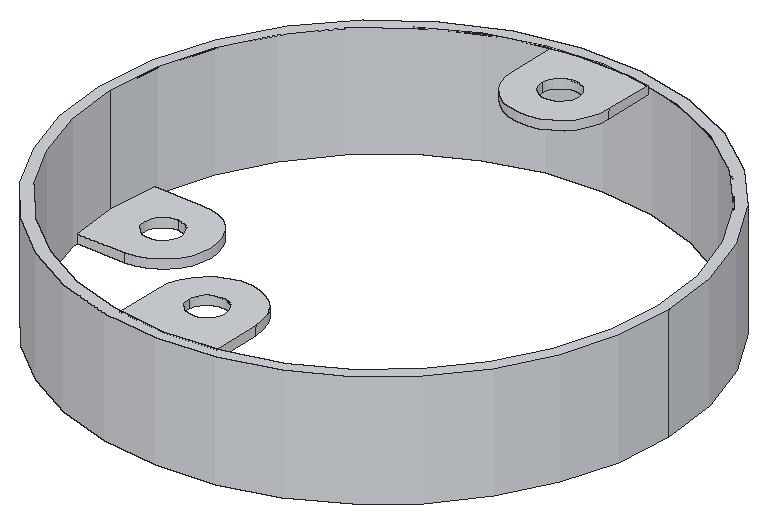
Revit family "SR13B", category Generic Models, Revit 2017
Family settings
  Can host rebar = No
  Round Connector Dimension = Use Diameter
  Part Type = Normal
  Work Plane-Based = Yes
  Always vertical = No
  Cut with Voids When Loaded = No
  Shared = No
  Room Calculation Point = No
Parameters (values of type "NBS Standard Parameters")
  Weight = "0.43Kg"
  WarrantyStartDate [instance] = "1900-12-31T23:59:59"
  WarrantyGuarantorParts = "n/a"
  WarrantyGuarantorLabor = "n/a"
  WarrantyDurationUnit = "1 year"
  WarrantyDurationParts = "n/a"
  WarrantyDurationLabor = "n/a"
  WarrantyDescription = "n/a"
  Version = "1"
  Uniclass2 = "Pr_65_70_11_20"
  TagNumber [instance] = "n/a"
  SustainabilityPerformance = "n/a"
  Size = "13mm"
  Shape = "Circular"
  SerialNumber [instance] = "n/a"
  Revision = "n/a"
  ReplacementCost = "n/a"
  ProductInformation = "www.metpro.co.uk/pdf/sr13g.pdf"
  NominalWidth = 65 mm
  NominalLength = 65 mm
  NominalHeight = 13 mm
  Name = ""
  NBSTypeID = ""
  NBSReference = "90-55-10/460"
  NBSOfficeMasterTag = ""
  NBSNote = ""
  NBSDescription = "Conduit Fittings"
  NBSCertification = ""
  ModelReference = "SR13B"
  ModelNumber = "n/a"
  Material = "Steel"
  ManufacturerURL = "www.metpro.co.uk"
  ManufacturerName = "Metpro Ltd"
  InstallationDate [instance] = "1900-12-31T23:59:59"
  IfcExportType = ""
  IfcExportAs = ""
  Grade = "n/a"
  Finish = "Black"
  Features = "n/a"
  ExpectedLife = "n/a"
  DurationUnit = "year"
  Description = "SR13B - 13mm Extension Ring"
  Default Elevation = 1219.2 mm
  Constituents = "n/a"
  Color = "n/a"
  CodePerformance = "n/a"
  Category = "n/a"
  BarCode [instance] = "n/a"
  BIMObjectName = "Metpro-metprolibrary_conduitfittings_metalcomponent_steelaccessories"
  Author = "Metpro Ltd"
  AssetType = ""
  AssetIdentifier [instance] = "n/a"
  AccessibilityPerformance = "n/a"
Reference planes
  plane 1 "Center (Front/Back)": y = 0
  plane 2: z = 0
  plane 3 "Center (Left/Right)": x = 0
Forms (mm)
  Extrusion 1, solid
    sketch origin (155.828, 979.169, 0) x (1, 0, 0) y (0, 1, 0)
      loop
        circle (0, 0) r 32.5
      loop
        circle (0, 0) r 31.25
    from 0 to 13
  Extrusion 2, solid
    sketch origin (155.828, 979.169, 13) x (1, 0, 0) y (0, 1, 0)
      loop
        arc (5.546, -25.174) -> (0.046, -19.674) -> (-5.454, -25.174) r 5.5
        line (-5.454, -25.174) -> (-5.454, -30.77)
        arc (-5.454, -30.77) -> (0.047, -31.25) -> (5.546, -30.754) r 31.25
        line (5.546, -30.754) -> (5.546, -25.174)
      loop
        circle (0, -25.2) r 2.1
      loop
        line (5.546, 25.174) -> (5.546, 30.754)
        arc (5.546, 30.754) -> (0.047, 31.25) -> (-5.454, 30.77) r 31.25
        line (-5.454, 30.77) -> (-5.454, 25.174)
        arc (-5.454, 25.174) -> (0.046, 19.674) -> (5.546, 25.174) r 5.5
      loop
        circle (0, 25.2) r 2.1
    from 0 to -1
  Extrusion 3, solid
    sketch origin (155.828, 979.169, 0) x (0, 1, 0) y (1, 0, 0)
      loop
        line (5.546, 25.174) -> (5.546, 30.754)
        arc (5.546, 30.754) -> (0.047, 31.25) -> (-5.454, 30.77) r 31.25
        line (-5.454, 30.77) -> (-5.454, 25.174)
        arc (-5.454, 25.174) -> (0.046, 19.674) -> (5.546, 25.174) r 5.5
      loop
        circle (0, 25.2) r 2.1
      loop
        arc (5.546, -25.174) -> (0.046, -19.674) -> (-5.454, -25.174) r 5.5
        line (-5.454, -25.174) -> (-5.454, -30.77)
        arc (-5.454, -30.77) -> (0.047, -31.25) -> (5.546, -30.754) r 31.25
        line (5.546, -30.754) -> (5.546, -25.174)
      loop
        circle (0, -25.2) r 2.1
    from 0 to -1
Dimensions and locks
  aligned and locked: level to plane 2
